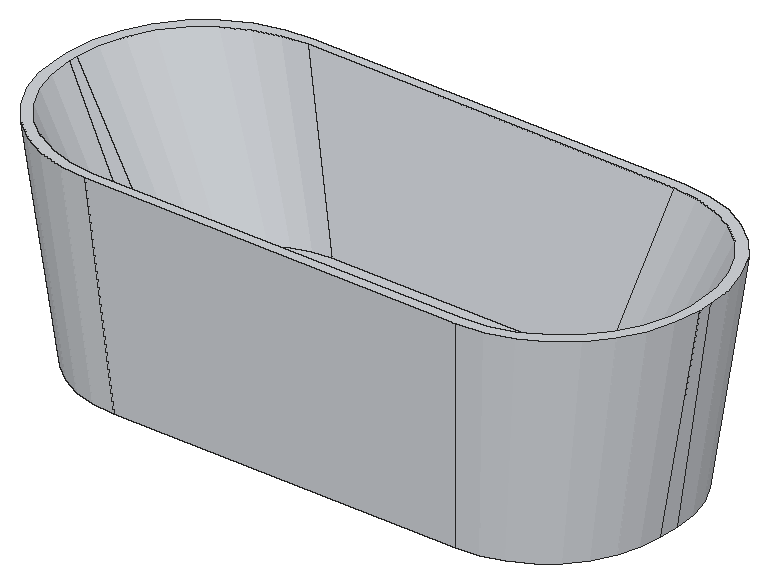
Revit family "Stilla_1800_test", category Generic Models, Revit 2019
Family settings
  Can host rebar = No
  Round Connector Dimension = Use Diameter
  Part Type = Normal
  Work Plane-Based = No
  Always vertical = Yes
  Cut with Voids When Loaded = No
  Shared = No
  Room Calculation Point = No
Parameters (values of type "Stilla 1600")
  Width = 800 mm
  URL = "www.westerbergs.se"
  Rim = 75.98 mm
  Manufacturer = "Hafa Bathroom Group AB"
  Length = 1800 mm
  Etim = "EC011609"
  Description = "Bathtub"
  Bottom length = 1280 mm
  Angle = 115.00°
Reference planes
  plane 1 "Center (Front/Back)": y = 0
  plane 2: z = 0
  plane 3 "Center (Left/Right)": x = 0
Forms (mm)
  Extrusion 1, void
    sketch origin (0, 0, 0) x (1, 0, 0) y (0, 1, 0)
      loop
        circle (0, 0) r 40.376
    from 0 to 166.194
  Blend 2, solid
    base sketch origin (0, 0, -1.154) x (1, 0, 0) y (0, 1, 0)
      loop
        arc (-480, 350) -> (-706.274, 256.274) -> (-800, 30) r 320
        line (-800, 30) -> (-800, -30)
        arc (-800, -30) -> (-706.274, -256.274) -> (-480, -350) r 320
        line (-480, -350) -> (480, -350)
        arc (480, -350) -> (706.274, -256.274) -> (800, -30) r 320
        line (800, -30) -> (800, 30)
        arc (800, 30) -> (706.274, 256.274) -> (480, 350) r 320
        line (480, 350) -> (-480, 350)
    top sketch origin (0, 0, -1.154) x (1, 0, 0) y (0, 1, 0)
      loop
        arc (-520, 400) -> (-788.701, 288.701) -> (-900, 20) r 380
        line (-900, 20) -> (-900, -20)
        arc (-900, -20) -> (-788.701, -288.701) -> (-520, -400) r 380
        line (-520, -400) -> (520, -400)
        arc (520, -400) -> (788.701, -288.701) -> (900, -20) r 380
        line (900, -20) -> (900, 20)
        arc (900, 20) -> (788.701, 288.701) -> (520, 400) r 380
        line (520, 400) -> (-520, 400)
    from 0 to 600
  Blend 3, void
    base sketch origin (0, 0, 0) x (1, 0, 0) y (0, 1, 0)
      loop
        arc (-380, 290) -> (-563.848, 213.848) -> (-640, 30) r 260
        line (-640, 30) -> (-640, -30)
        arc (-640, -30) -> (-563.848, -213.848) -> (-380, -290) r 260
        line (-380, -290) -> (380, -290)
        arc (380, -290) -> (563.848, -213.848) -> (640, -30) r 260
        line (640, -30) -> (640, 30)
        arc (640, 30) -> (563.848, 213.848) -> (380, 290) r 260
        line (380, 290) -> (-380, 290)
    top sketch origin (0, 0, 0) x (1, 0, 0) y (0, 1, 0)
      loop
        arc (-513, 373) -> (-767.558, 267.558) -> (-873, 13) r 360
        line (-873, 13) -> (-873, -13)
        arc (-873, -13) -> (-767.558, -267.558) -> (-513, -373) r 360
        line (-513, -373) -> (513, -373)
        arc (513, -373) -> (767.558, -267.558) -> (873, -13) r 360
        line (873, -13) -> (873, 13)
        arc (873, 13) -> (767.558, 267.558) -> (513, 373) r 360
        line (513, 373) -> (-513, 373)
    from 145 to 598.846
  Extrusion 4, void
    sketch origin (450, 0, 0) x (1, 0, 0) y (0, 1, 0)
      loop
        circle (0, 250) r 20
    from -5 to 140
  Extrusion 5, void
    sketch origin (450, -500, 0) x (1, 0, 0) y (0, 1, 0)
      loop
        circle (0, 250) r 20
    from -5 to 140
  Extrusion 6, void
    sketch origin (-450, 0, 0) x (1, 0, 0) y (0, 1, 0)
      loop
        circle (0, 250) r 20
    from -5 to 140
  Extrusion 7, void
    sketch origin (-425, -500, 0) x (1, 0, 0) y (0, 1, 0)
      loop
        circle (-25, 250) r 20
    from -5 to 140
Cuts and joins
  Blend 3, Extrusion 4, Extrusion 5, Extrusion 6, Extrusion 7 cuts Blend 2
Lines and regions (mm)
  reference lines
    curve 1: line (-900, 400, 0) -> (900, 400, 0)
    curve 2: line (-900, -400, 0) -> (-900, 400, 0)
    curve 3: line (900, -400, 0) -> (-900, -400, 0)
    curve 4: line (900, 400, 0) -> (900, -400, 0)
Dimensions and locks
  "Width": curve 1 to curve 3
  "Length": curve 4 to curve 2
  equal spacing: curve 2, plane 3 "Center (Left/Right)", curve 4
  equal spacing: curve 3, plane 1 "Center (Front/Back)", curve 1
  locked: Extrusion 1 sketch curve to plane 3 "Center (Left/Right)"
  locked: plane 1 "Center (Front/Back)" to Extrusion 1 sketch curve
  plane 1 "Center (Front/Back)" to Blend 3 sketch curve = 290 mm  (x2)
  Blend 3 sketch curve to plane 3 "Center (Left/Right)" = 640 mm
  plane 3 "Center (Left/Right)" to Blend 3 sketch curve = 640 mm
  curve 2 to Blend 3 sketch curve = 27 mm
  Blend 3 sketch curve to curve 4 = 27 mm
  Blend 3 sketch curve to curve 1 = 27 mm
  Blend 3 sketch curve to curve 3 = 27 mm
  locked: plane 3 "Center (Left/Right)" to Extrusion 4 sketch curve at 450
  locked: plane 1 "Center (Front/Back)" to Extrusion 4 sketch curve at 250
  locked: Extrusion 7 sketch curve to plane 3 "Center (Left/Right)" at 450
  locked: Extrusion 6 sketch curve to plane 3 "Center (Left/Right)" at 450
  locked: plane 1 "Center (Front/Back)" to Extrusion 6 sketch curve at 250
  aligned and locked: level to plane 2
Automatic sketch dimensions
  plane 1 "Center (Front/Back)" to Blend 2 sketch curve = 30 mm
  Blend 2 sketch curve to plane 3 "Center (Left/Right)" = 800 mm
  plane 1 "Center (Front/Back)" to Blend 2 sketch curve = 350 mm
  Blend 2 sketch curve to Blend 2 sketch curve = 320 mm  (x2)
  Blend 2 sketch curve to plane 1 "Center (Front/Back)" = 30 mm
  plane 3 "Center (Left/Right)" to Blend 2 sketch curve = 480 mm
  Blend 2 sketch curve to Blend 2 sketch curve = 0 mm  (x3)
  Blend 2 sketch curve to plane 1 "Center (Front/Back)" = 20 mm
  plane 1 "Center (Front/Back)" to Blend 2 sketch curve = 20 mm
  Blend 2 sketch curve to plane 3 "Center (Left/Right)" = 900 mm
  Blend 2 sketch curve to Blend 2 sketch curve = 380 mm  (x2)
  plane 3 "Center (Left/Right)" to Blend 2 sketch curve = 520 mm
  Blend 3 sketch curve to Blend 3 sketch curve = 260 mm
  Blend 3 sketch curve to plane 1 "Center (Front/Back)" = 30 mm
  plane 1 "Center (Front/Back)" to Blend 3 sketch curve = 30 mm
  Blend 3 sketch curve to Blend 3 sketch curve = 0 mm  (x2)
  Blend 3 sketch curve to Blend 3 sketch curve = 360 mm
  Blend 3 sketch curve to plane 1 "Center (Front/Back)" = 13 mm  (x2)
  plane 3 "Center (Left/Right)" to Extrusion 5 sketch curve = 450 mm
  plane 1 "Center (Front/Back)" to Extrusion 5 sketch curve = 250 mm
  plane 1 "Center (Front/Back)" to Extrusion 7 sketch curve = 250 mm
  radius of Extrusion 1 sketch curve = 40.376 mm
  radius of Extrusion 4 sketch curve = 20 mm
  radius of Extrusion 5 sketch curve = 20 mm
  radius of Extrusion 6 sketch curve = 20 mm
  radius of Extrusion 7 sketch curve = 20 mm
